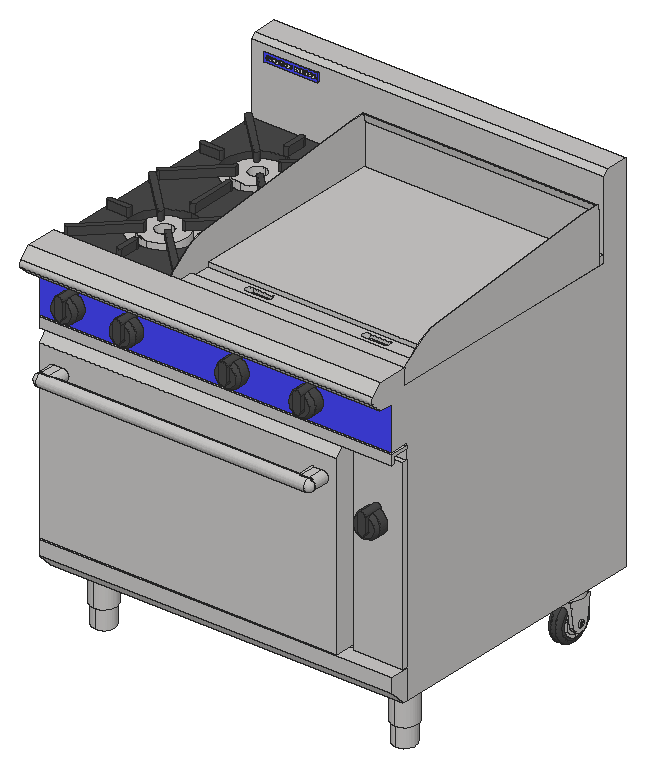
Revit family "QF_MOFFAT_BLUESEAL_CE_G506B", category Specialty Equipment, Revit 2012
Parameters
  Width = 900 mm  # constant formula
  Weight in Pounds = 460
  URL Cutsheet = "www.moffat.com"
  URL = "www.moffat.com"
  Type Mark [instance] = ""
  Status [instance] = ""
  Specification by User [instance] = ""
  Specification by Manufacturer = ""
  Show Logo [instance] = yes
  Show Clearance [instance] = yes
  Show Casters [instance] = yes
  Serial Number = ""
  Seismic Rating = ""
  SMACNA No = ""
  Revision Code [instance] = ""
  Omniclass Number and Title = ""
  NAFEM Spec ID Number = ""
  Model = "G506B"
  Mechanical Remarks = ""
  Mechanical Connection Type [instance] = ""
  Masterspec = ""
  Manufacturer = "MOFFAT BLUESEAL"
  Legs [instance] = not(Show Casters)  # no
  Item Number [instance] = ""
  Installed By [instance] = ""
  Identify Quantity as Lot [instance] = yes
  Height = 970 mm  # constant formula
  Gas Size = 3/4"
  Gas RI Height [instance] = 0 mm
  Gas KW [instance] = 35
  Gas Input [instance] = 119424.0 Btu/h
  Gas Connection Height = 0 mm
  Furnished By [instance] = ""
  Foodservice Equipment Identifier [instance] = yes
  Description = "900MM GAS RANGE WITH STATIC OVEN"
  Depth = 812 mm  # constant formula
  CSI MasterFormat = ""
  CSI Master Format = ""
  Body Finish = QF_Finishes_Stainless Steel
Reference planes
  plane 1 "BACK": y = 0
  plane 2: z = 0
  plane 3 "LEFT": x = 0
  plane 4 "RIGHT": x = 900
  plane 5 "FRONT": y = -812
  plane 6 "TOP": z = 970
  plane 7 "Center Y": x = 450
  plane 8 "Center X": y = -406
  plane 9: x = 280
  plane 10: y = -574.272
  plane 11: x = 60
  plane 12: y = -304.972
  plane 13: y = -364.972
  plane 14: x = 74
  plane 15: y = -812
  plane 16: x = 834.5
  plane 17: y = -32
  plane 18: z = 655
  plane 19: y = -100
  plane 20: z = 1085
  plane 21: y = -705
  plane 22: x = 65.8
Forms (mm)
  Extrusion 1, solid, material "QF_Finishes_Stainless Steel" <- "Body Finish"
    sketch origin (0, 0, 0) x (0, 1, 0) y (0, 0, 1)
      loop
        line (0, 150) -> (0, 1085) -> (-57.5, 1085) -> (-70, 1072.5) -> (-70, 875) -> (-705, 875) -> (-705, 915) -> (-783.97, 915) -> (-808.476, 890.494)
        arc (-808.476, 890.494) -> (-811.994, 882) -> (-808.476, 873.506) r 12.013
        line (-808.476, 873.506) -> (-784.97, 850) -> (-749, 850) -> (-749, 740) -> (-699, 740) -> (-699, 150) -> (0, 150)
    from 0 to 900
  Extrusion 2, solid, material "QF_Finishes_Stainless Steel"
    sketch origin (0, 7, 0) x (0, 1, 0) y (0, 0, 1)
      loop
        line (-706, 700) -> (-732, 700) -> (-756, 676) -> (-756, 227.5) -> (-706, 227.5) -> (-706, 700)
    from 0 to 760
  Extrusion 3, solid, material "QF_Finishes_Stainless Steel"
    sketch origin (723.5, 7, 0) x (0, 1, 0) y (0, 0, 1)
      loop
        line (-706, 700) -> (-721, 700) -> (-721, 227.5) -> (-706, 227.5) -> (-706, 700)
    from 51.5 to 176.5
  Revolve 4, solid, material "QF_Finishes_Stainless Steel" <- "Body Finish"
    sketch origin (834.5, -696.126, 0) x (0, 1, 0) y (0, 0, -1)
      loop
        line (39.376, -150) -> (71.126, -150) -> (71.126, 0) -> (43.626, 0) -> (43.626, -50) -> (39.376, -50) -> (39.376, -150)
      axis (71.126, -150) -> (71.126, 0)
    angle from 0 to 360
  Revolve 5, solid, material "QF_Finishes_Stainless Steel" <- "Body Finish"
    sketch origin (65.5, -696.126, 0) x (0, 1, 0) y (0, 0, 1)
      loop
        line (39.376, 150) -> (39.376, 50) -> (43.626, 50) -> (43.626, 0) -> (71.126, 0) -> (71.126, 150) -> (39.376, 150)
      axis (71.126, 150) -> (71.126, 0)
    angle from 0 to 360
  Extrusion 6, solid, material "QF_Finishes_Stainless Steel"
    sketch origin (-64.5, 0, 325) x (1, 0, 0) y (0, 1, 0)
      loop
        circle (834.5, -32) r 10
    from 330 to 371
  Revolve 7, solid, material "QF_Finishes_Black"
    sketch origin (699.351, 45.874, -0.118) x (0, 1, 0) y (0, 0, 1)
      loop
        line (-827.874, 829.5) -> (-838.874, 823.651) -> (-838.874, 797) -> (-794.874, 797) -> (-794.874, 802) -> (-804.874, 802) -> (-804.874, 829.5) -> (-827.874, 829.5)
      axis (-838.874, 797) -> (-794.874, 797)
    angle from 0 to 360
  Revolve 8, solid, material "QF_Finishes_Black"
    sketch origin (90.649, 45.874, -0.118) x (0, 1, 0) y (0, 0, -1)
      loop
        line (-827.874, -829.5) -> (-804.874, -829.5) -> (-804.874, -802) -> (-794.874, -802) -> (-794.874, -797) -> (-838.874, -797) -> (-838.874, -823.651) -> (-827.874, -829.5)
      axis (-838.874, -797) -> (-794.874, -797)
    angle from 0 to 360
  Revolve 9, solid, material "QF_Finishes_Black"
    sketch origin (240.649, 45.874, -0.118) x (0, 1, 0) y (0, 0, -1)
      loop
        line (-827.874, -829.5) -> (-804.874, -829.5) -> (-804.874, -802) -> (-794.874, -802) -> (-794.874, -797) -> (-838.874, -797) -> (-838.874, -823.651) -> (-827.874, -829.5)
      axis (-838.874, -797) -> (-794.874, -797)
    angle from 0 to 360
  Extrusion 10, solid, material "QF_Finishes_Black"
    sketch origin (238.456, 7, -0.118) x (-1, 0, 0) y (0, 0, -1)
      loop
        arc (158.3, -789) -> (148.3, -779) -> (138.3, -789) r 10
        line (138.3, -789) -> (138.3, -824)
        arc (138.3, -824) -> (148.3, -834) -> (158.3, -824) r 10
        line (158.3, -824) -> (158.3, -789)
    from 759 to 808
  Extrusion 11, solid, material "QF_Finishes_Black"
    sketch origin (388.456, 7, -0.118) x (-1, 0, 0) y (0, 0, -1)
      loop
        arc (158.3, -789) -> (148.3, -779) -> (138.3, -789) r 10
        line (138.3, -789) -> (138.3, -824)
        arc (138.3, -824) -> (148.3, -834) -> (158.3, -824) r 10
        line (158.3, -824) -> (158.3, -789)
    from 759 to 808
  Extrusion 12, solid, material "QF_Finishes_Black"
    sketch origin (551.544, 7, -0.118) x (1, 0, 0) y (0, 0, 1)
      loop
        line (158.3, 789) -> (158.3, 824)
        arc (158.3, 824) -> (148.3, 834) -> (138.3, 824) r 10
        line (138.3, 824) -> (138.3, 789)
        arc (138.3, 789) -> (148.3, 779) -> (158.3, 789) r 10
    from 759 to 808
  Extrusion 13, solid, material "QF_Finishes_Black"
    sketch origin (658.432, 7, -0.118) x (-1, 0, 0) y (0, 0, -1)
      loop
        arc (158.3, -789) -> (148.3, -779) -> (138.3, -789) r 10
        line (138.3, -789) -> (138.3, -824)
        arc (138.3, -824) -> (148.3, -834) -> (158.3, -824) r 10
        line (158.3, -824) -> (158.3, -789)
    from 759 to 808
  Revolve 14, solid, material "QF_Finishes_Black"
    sketch origin (836.851, 80.874, -245.743) x (0, 1, 0) y (0, 0, 1)
      loop
        line (-827.874, 829.5) -> (-838.874, 823.651) -> (-838.874, 797) -> (-794.874, 797) -> (-794.874, 802) -> (-804.874, 802) -> (-804.874, 829.5) -> (-827.874, 829.5)
      axis (-838.874, 797) -> (-794.874, 797)
    angle from 0 to 360
  Extrusion 15, solid, material "QF_Finishes_Black"
    sketch origin (689.044, 42, -245.743) x (1, 0, 0) y (0, 0, 1)
      loop
        line (158.3, 789) -> (158.3, 824)
        arc (158.3, 824) -> (148.3, 834) -> (138.3, 824) r 10
        line (138.3, 824) -> (138.3, 789)
        arc (138.3, 789) -> (148.3, 779) -> (158.3, 789) r 10
    from 759 to 808
  Extrusion 16, solid, material "QF_Door-Drawer Clearances", visible <- "Show Clearance", detail levels coarse
    sketch origin (0, 7, 0) x (0, -1, 0) y (0, 0, 1)
      loop
        line (756, 697.347) -> (756, 227.5) -> (1225.847, 227.5)
        arc (1225.847, 227.5) -> (1088.232, 559.732) -> (756, 697.347) r 469.847
    from 0 to -760
  Extrusion 17, void
    sketch origin (0, 0, 220) x (1, 0, 0) y (0, 1, 0)
      loop
        line (824, -87) -> (824, 0) -> (694, 0) -> (694, -39) -> (744, -87) -> (824, -87)
    from 0 to 476
  Revolve 18, solid, material "QF_Finishes_Black"
    sketch origin (510.625, 45.874, -0.118) x (0, 1, 0) y (0, 0, -1)
      loop
        line (-827.874, -829.5) -> (-804.874, -829.5) -> (-804.874, -802) -> (-794.874, -802) -> (-794.874, -797) -> (-838.874, -797) -> (-838.874, -823.651) -> (-827.874, -829.5)
      axis (-838.874, -797) -> (-794.874, -797)
    angle from 0 to 360
  Extrusion 19, solid, material "QF_Finishes_Stainless Steel"
    sketch origin (0, -749, 227.5) x (0, 0, 1) y (-1, 0, 0)
      loop
        line (380.625, -38.246) -> (380.625, -58.528)
        arc (380.625, -58.528) -> (395.625, -73.528) -> (410.625, -58.528) r 15
        line (410.625, -58.528) -> (410.625, -38.246)
        arc (410.625, -38.246) -> (395.625, -23.246) -> (380.625, -38.246) r 15
      loop
        arc (380.625, -723.039) -> (395.625, -738.039) -> (410.625, -723.039) r 15
        line (410.625, -723.039) -> (410.625, -702.757)
        arc (410.625, -702.757) -> (395.625, -687.757) -> (380.625, -702.757) r 15
        line (380.625, -702.757) -> (380.625, -723.039)
    from 0 to 44
  Revolve 20, solid, material "QF_Finishes_Stainless Steel"
    sketch origin (0, -793, 0) x (1, 0, 0) y (0, 0, 1)
      loop
        arc (738.039, 623.125) -> (733.646, 633.732) -> (723.039, 638.125) r 15
        line (723.039, 638.125) -> (38.246, 638.125)
        arc (38.246, 638.125) -> (27.64, 633.732) -> (23.246, 623.125) r 15
        line (23.246, 623.125) -> (738.039, 623.125)
      axis (738.039, 623.125) -> (23.246, 623.125)
    angle from 0 to 360
  Extrusion 21, solid, material "QF_Finishes_Stainless Steel" <- "Body Finish"
    sketch origin (0, 7, 0) x (0, 1, 0) y (0, 0, 1)
      loop
        line (-756, 710) -> (-747.224, 710) -> (-749.613, 726.999) -> (-707.93, 726.999) -> (-707.93, 734.003) -> (-756, 734.003) -> (-756, 710)
    from 0 to 900
  Extrusion 22, solid, material "QF_Finishes_Stainless Steel" <- "Body Finish"
    sketch origin (0, 4.73, 0) x (0, 1, 0) y (0, 0, 1)
      loop
        line (-753.73, 222.5) -> (-753.73, 186) -> (-717.73, 150) -> (-703.73, 150) -> (-703.73, 222.5) -> (-753.73, 222.5)
    from 0 to 900
  Extrusion 23, solid, material "QF_Finishes_Stainless Steel", visible <- "Show Casters"
    sketch origin (71.501, 133.353, -8.783) x (0, 1, 0) y (0, 0, 1)
      loop
        line (-201.603, 118.783) -> (-265.103, 118.783) -> (-252.746, 53.895)
        arc (-252.746, 53.895) -> (-233.353, 38.783) -> (-213.959, 53.895) r 20
        line (-213.959, 53.895) -> (-201.603, 118.783)
    from -35.667 to 22.923
  Revolve 24, solid, material "QF_Finishes_Stainless Steel", visible <- "Show Casters"
    sketch origin (65, -203, 0) x (0, 1, 0) y (0, 0, 1)
      loop
        line (67.25, 150) -> (67.25, 110) -> (103, 110) -> (103, 150) -> (67.25, 150)
      axis (103, 150) -> (103, 110)
    angle from 0 to 360
  Revolve 25, solid, material "QF_Finishes_Stainless Steel", visible <- "Show Casters"
    sketch origin (834.5, -203, 0) x (0, 1, 0) y (0, 0, -1)
      loop
        line (67.25, -150) -> (103, -150) -> (103, -110) -> (67.25, -110) -> (67.25, -150)
      axis (103, -150) -> (103, -110)
    angle from 0 to 360
  Revolve 26, solid, material "QF_Finishes_Stainless Steel", visible <- "Show Casters"
    sketch origin (785.276, -99.755, -13.653) x (1, 0, 0) y (0, 0, 1)
      loop
        line (14.841, 64.453) -> (83.584, 64.453) -> (83.584, 67.958) -> (82.314, 69.228) -> (80.79, 69.228) -> (80.79, 72.674) -> (68.644, 72.674) -> (68.644, 82.639) -> (65.088, 84.692) -> (63.738, 93.028) -> (65.881, 93.028) -> (65.881, 99.378) -> (65.088, 99.378) -> (65.088, 105.728)
        arc (65.088, 105.728) -> (62.298, 112.463) -> (55.563, 115.253) r 9.525
        line (55.563, 115.253) -> (42.863, 115.253)
        arc (42.863, 115.253) -> (36.127, 112.463) -> (33.338, 105.728) r 9.525
        line (33.338, 105.728) -> (33.338, 99.378) -> (32.544, 99.378) -> (32.544, 93.028) -> (34.687, 93.028) -> (33.352, 84.781) -> (29.782, 82.719) -> (29.782, 72.674) -> (17.635, 72.674) -> (17.635, 69.228) -> (16.111, 69.228) -> (14.841, 67.958) -> (14.841, 64.453)
      axis (14.841, 64.453) -> (83.584, 64.453)
    angle from 0 to 360
  Extrusion 27, solid, material "QF_Finishes_Stainless Steel", visible <- "Show Casters"
    sketch origin (841.001, 133.353, -8.783) x (0, 1, 0) y (0, 0, 1)
      loop
        line (-201.603, 118.783) -> (-265.103, 118.783) -> (-252.746, 53.895)
        arc (-252.746, 53.895) -> (-233.353, 38.783) -> (-213.959, 53.895) r 20
        line (-213.959, 53.895) -> (-201.603, 118.783)
    from -35.667 to 22.923
  Revolve 28, solid, material "QF_Finishes_Stainless Steel", visible <- "Legs"
    sketch origin (65, -165, 0) x (0, 1, 0) y (0, 0, 1)
      loop
        line (33.25, 150) -> (33.25, 50) -> (37.5, 50) -> (37.5, 0) -> (65, 0) -> (65, 150) -> (33.25, 150)
      axis (65, 150) -> (65, 0)
    angle from 0 to 360
  Revolve 29, solid, material "QF_Finishes_Stainless Steel", visible <- "Legs"
    sketch origin (834.5, -165, 0) x (0, 1, 0) y (0, 0, -1)
      loop
        line (33.25, -150) -> (65, -150) -> (65, 0) -> (37.5, 0) -> (37.5, -50) -> (33.25, -50) -> (33.25, -150)
      axis (65, -150) -> (65, 0)
    angle from 0 to 360
  Revolve 30, solid, material "QF_Finishes_Stainless Steel", visible <- "Show Casters"
    sketch origin (114.224, -99.755, -13.653) x (-1, 0, 0) y (0, 0, -1)
      loop
        line (14.841, -64.453) -> (14.841, -67.958) -> (16.111, -69.228) -> (17.635, -69.228) -> (17.635, -72.674) -> (29.782, -72.674) -> (29.782, -82.719) -> (33.352, -84.781) -> (34.687, -93.028) -> (32.544, -93.028) -> (32.544, -99.378) -> (33.338, -99.378) -> (33.338, -105.728)
        arc (33.338, -105.728) -> (36.127, -112.463) -> (42.863, -115.253) r 9.525
        line (42.863, -115.253) -> (55.563, -115.253)
        arc (55.563, -115.253) -> (62.298, -112.463) -> (65.088, -105.728) r 9.525
        line (65.088, -105.728) -> (65.088, -99.378) -> (65.881, -99.378) -> (65.881, -93.028) -> (63.738, -93.028) -> (65.088, -84.692) -> (68.644, -82.639) -> (68.644, -72.674) -> (80.79, -72.674) -> (80.79, -69.228) -> (82.314, -69.228) -> (83.584, -67.958) -> (83.584, -64.453) -> (14.841, -64.453)
      axis (14.841, -64.453) -> (83.584, -64.453)
    angle from 0 to 360
  Extrusion 31, solid, material "QF_Finishes_Black"
    sketch origin (0, -70, 875) x (0, -1, 0) y (1, 0, 0)
      loop
        arc (1, 4) -> (1.879, 1.879) -> (4, 1) r 3
        line (4, 1) -> (632, 1)
        arc (632, 1) -> (634.121, 1.879) -> (635, 4) r 3
        line (635, 4) -> (635, 297)
        arc (635, 297) -> (634.121, 299.121) -> (632, 300) r 3
        line (632, 300) -> (4, 300)
        arc (4, 300) -> (1.879, 299.121) -> (1, 297) r 3
        line (1, 297) -> (1, 4)
      loop
        circle (167.5, 150) r 85
      loop
        circle (467.768, 150) r 85
    from 0 to 19.5
  Extrusion 32, solid, material "QF_Finishes_Black"
    sketch origin (0, -73.5, 894.5) x (0, -1, 0) y (1, 0, 0)
      loop
        spline (323.602, 15.153) -> (322.681, 13.924) -> (322.131, 12.47) -> (321.99, 10.89) -> (322.267, 9.292) -> (322.943, 7.786) -> (323.973, 6.473) -> (325.286, 5.443) -> (326.792, 4.767) -> (328.39, 4.49) -> (329.97, 4.631) -> (331.424, 5.181) -> (332.653, 6.102)
        line (332.653, 6.102) -> (440.576, 114.025)
        spline (440.576, 114.025) -> (441.337, 115.095) -> (441.738, 116.399) -> (441.751, 117.851) -> (441.375, 119.35) -> (440.637, 120.795) -> (439.586, 122.086) -> (438.295, 123.137) -> (436.85, 123.875) -> (435.351, 124.251) -> (433.899, 124.238) -> (432.595, 123.837) -> (431.525, 123.076)
        line (431.525, 123.076) -> (323.602, 15.153)
      loop
        spline (371.852, 143.6) -> (373.146, 143.818) -> (374.352, 144.457) -> (375.388, 145.475) -> (376.182, 146.8) -> (376.682, 148.344) -> (376.852, 150) -> (376.682, 151.656) -> (376.182, 153.2) -> (375.388, 154.525) -> (374.352, 155.543) -> (373.146, 156.182) -> (371.852, 156.4)
        line (371.852, 156.4) -> (259.398, 156.4)
        spline (259.398, 156.4) -> (258.104, 156.182) -> (256.898, 155.543) -> (255.862, 154.525) -> (255.068, 153.2) -> (254.568, 151.656) -> (254.398, 150) -> (254.568, 148.344) -> (255.068, 146.8) -> (255.862, 145.475) -> (256.898, 144.457) -> (258.104, 143.818) -> (259.398, 143.6)
        line (259.398, 143.6) -> (371.852, 143.6)
      loop
        line (311.398, 15.153) -> (203.475, 123.076)
        spline (203.475, 123.076) -> (202.405, 123.837) -> (201.101, 124.238) -> (199.649, 124.251) -> (198.15, 123.875) -> (196.705, 123.137) -> (195.414, 122.086) -> (194.363, 120.795) -> (193.625, 119.35) -> (193.249, 117.851) -> (193.262, 116.399) -> (193.663, 115.095) -> (194.424, 114.025)
        line (194.424, 114.025) -> (302.347, 6.102)
        spline (302.347, 6.102) -> (303.416, 5.341) -> (304.721, 4.941) -> (306.172, 4.928) -> (307.671, 5.303) -> (309.116, 6.041) -> (310.408, 7.092) -> (311.459, 8.384) -> (312.197, 9.829) -> (312.572, 11.328) -> (312.559, 12.779) -> (312.159, 14.084) -> (311.398, 15.153)
      loop
        line (323.602, 284.847) -> (431.525, 176.924)
        spline (431.525, 176.924) -> (432.595, 176.163) -> (433.899, 175.762) -> (435.351, 175.749) -> (436.85, 176.125) -> (438.295, 176.863) -> (439.586, 177.914) -> (440.637, 179.205) -> (441.375, 180.65) -> (441.751, 182.149) -> (441.738, 183.601) -> (441.337, 184.905) -> (440.576, 185.975)
        line (440.576, 185.975) -> (332.653, 293.898)
        spline (332.653, 293.898) -> (331.424, 294.819) -> (329.97, 295.369) -> (328.39, 295.51) -> (326.792, 295.233) -> (325.286, 294.557) -> (323.973, 293.527) -> (322.943, 292.214) -> (322.267, 290.708) -> (321.99, 289.11) -> (322.131, 287.53) -> (322.681, 286.076) -> (323.602, 284.847)
      loop
        spline (311.398, 284.847) -> (312.159, 285.916) -> (312.559, 287.221) -> (312.572, 288.672) -> (312.197, 290.171) -> (311.459, 291.616) -> (310.408, 292.908) -> (309.116, 293.959) -> (307.671, 294.697) -> (306.172, 295.072) -> (304.721, 295.059) -> (303.416, 294.659) -> (302.347, 293.898)
        line (302.347, 293.898) -> (194.424, 185.975)
        spline (194.424, 185.975) -> (193.663, 184.905) -> (193.262, 183.601) -> (193.249, 182.149) -> (193.625, 180.65) -> (194.363, 179.205) -> (195.414, 177.914) -> (196.705, 176.863) -> (198.15, 176.125) -> (199.649, 175.749) -> (201.101, 175.762) -> (202.405, 176.163) -> (203.475, 176.924)
        line (203.475, 176.924) -> (311.398, 284.847)
      loop
        spline (73.549, 143.6) -> (74.844, 143.818) -> (76.049, 144.457) -> (77.085, 145.475) -> (77.88, 146.8) -> (78.379, 148.344) -> (78.549, 150) -> (78.379, 151.656) -> (77.88, 153.2) -> (77.085, 154.525) -> (76.049, 155.543) -> (74.844, 156.182) -> (73.549, 156.4)
        line (73.549, 156.4) -> (25.093, 156.4)
        spline (25.093, 156.4) -> (23.799, 156.182) -> (22.593, 155.543) -> (21.558, 154.525) -> (20.763, 153.2) -> (20.264, 151.656) -> (20.093, 150) -> (20.264, 148.344) -> (20.763, 146.8) -> (21.558, 145.475) -> (22.593, 144.457) -> (23.799, 143.818) -> (25.093, 143.6)
        line (25.093, 143.6) -> (73.549, 143.6)
      loop
        spline (608.1, 143.6) -> (609.394, 143.818) -> (610.6, 144.457) -> (611.636, 145.475) -> (612.43, 146.8) -> (612.93, 148.344) -> (613.1, 150) -> (612.93, 151.656) -> (612.43, 153.2) -> (611.636, 154.525) -> (610.6, 155.543) -> (609.394, 156.182) -> (608.1, 156.4)
        line (608.1, 156.4) -> (558.644, 156.4)
        spline (558.644, 156.4) -> (557.35, 156.182) -> (556.144, 155.543) -> (555.108, 154.525) -> (554.314, 153.2) -> (553.814, 151.656) -> (553.644, 150) -> (553.814, 148.344) -> (554.314, 146.8) -> (555.108, 145.475) -> (556.144, 144.457) -> (557.35, 143.818) -> (558.644, 143.6)
        line (558.644, 143.6) -> (608.1, 143.6)
      loop
        spline (457.6, 10.156) -> (457.818, 8.862) -> (458.457, 7.656) -> (459.475, 6.62) -> (460.8, 5.826) -> (462.344, 5.326) -> (464, 5.156) -> (465.656, 5.326) -> (467.2, 5.826) -> (468.525, 6.62) -> (469.543, 7.656) -> (470.182, 8.862) -> (470.4, 10.156)
        line (470.4, 10.156) -> (470.4, 58.612)
        spline (470.4, 58.612) -> (470.182, 59.906) -> (469.543, 61.112) -> (468.525, 62.148) -> (467.2, 62.942) -> (465.656, 63.442) -> (464, 63.612) -> (462.344, 63.442) -> (460.8, 62.942) -> (459.475, 62.148) -> (458.457, 61.112) -> (457.818, 59.906) -> (457.6, 58.612)
        line (457.6, 58.612) -> (457.6, 10.156)
      loop
        spline (160.966, 10.156) -> (161.184, 8.862) -> (161.823, 7.656) -> (162.841, 6.62) -> (164.166, 5.826) -> (165.71, 5.326) -> (167.366, 5.156) -> (169.022, 5.326) -> (170.566, 5.826) -> (171.892, 6.62) -> (172.909, 7.656) -> (173.548, 8.862) -> (173.766, 10.156)
        line (173.766, 10.156) -> (173.766, 58.612)
        spline (173.766, 58.612) -> (173.548, 59.906) -> (172.909, 61.112) -> (171.892, 62.148) -> (170.566, 62.942) -> (169.022, 63.442) -> (167.366, 63.612) -> (165.71, 63.442) -> (164.166, 62.942) -> (162.841, 62.148) -> (161.823, 61.112) -> (161.184, 59.906) -> (160.966, 58.612)
        line (160.966, 58.612) -> (160.966, 10.156)
      loop
        spline (457.6, 241.636) -> (457.818, 240.342) -> (458.457, 239.136) -> (459.475, 238.1) -> (460.8, 237.306) -> (462.344, 236.806) -> (464, 236.636) -> (465.656, 236.806) -> (467.2, 237.306) -> (468.525, 238.1) -> (469.543, 239.136) -> (470.182, 240.342) -> (470.4, 241.636)
        line (470.4, 241.636) -> (470.4, 290.092)
        spline (470.4, 290.092) -> (470.182, 291.386) -> (469.543, 292.592) -> (468.525, 293.628) -> (467.2, 294.422) -> (465.656, 294.922) -> (464, 295.092) -> (462.344, 294.922) -> (460.8, 294.422) -> (459.475, 293.628) -> (458.457, 292.592) -> (457.818, 291.386) -> (457.6, 290.092)
        line (457.6, 290.092) -> (457.6, 241.636)
      loop
        spline (160.966, 241.636) -> (161.184, 240.342) -> (161.823, 239.136) -> (162.841, 238.1) -> (164.166, 237.306) -> (165.71, 236.806) -> (167.366, 236.636) -> (169.022, 236.806) -> (170.566, 237.306) -> (171.892, 238.1) -> (172.909, 239.136) -> (173.548, 240.342) -> (173.766, 241.636)
        line (173.766, 241.636) -> (173.766, 290.092)
        spline (173.766, 290.092) -> (173.548, 291.386) -> (172.909, 292.592) -> (171.892, 293.628) -> (170.566, 294.422) -> (169.022, 294.922) -> (167.366, 295.092) -> (165.71, 294.922) -> (164.166, 294.422) -> (162.841, 293.628) -> (161.823, 292.592) -> (161.184, 291.386) -> (160.966, 290.092)
        line (160.966, 290.092) -> (160.966, 241.636)
      loop
        line (604.398, 15.153) -> (496.475, 123.076)
        spline (496.475, 123.076) -> (495.405, 123.837) -> (494.101, 124.238) -> (492.649, 124.251) -> (491.15, 123.875) -> (489.705, 123.137) -> (488.414, 122.086) -> (487.363, 120.795) -> (486.625, 119.35) -> (486.249, 117.851) -> (486.262, 116.399) -> (486.663, 115.095) -> (487.424, 114.025)
        line (487.424, 114.025) -> (595.347, 6.102)
        spline (595.347, 6.102) -> (596.576, 5.181) -> (598.03, 4.631) -> (599.61, 4.49) -> (601.208, 4.767) -> (602.714, 5.443) -> (604.027, 6.473) -> (605.057, 7.786) -> (605.733, 9.292) -> (606.01, 10.89) -> (605.869, 12.47) -> (605.319, 13.924) -> (604.398, 15.153)
      loop
        spline (604.398, 284.847) -> (605.319, 286.076) -> (605.869, 287.53) -> (606.01, 289.11) -> (605.733, 290.708) -> (605.057, 292.214) -> (604.027, 293.527) -> (602.714, 294.557) -> (601.208, 295.233) -> (599.61, 295.51) -> (598.03, 295.369) -> (596.576, 294.819) -> (595.347, 293.898)
        line (595.347, 293.898) -> (487.424, 185.975)
        spline (487.424, 185.975) -> (486.663, 184.905) -> (486.262, 183.601) -> (486.249, 182.149) -> (486.625, 180.65) -> (487.363, 179.205) -> (488.414, 177.914) -> (489.705, 176.863) -> (491.15, 176.125) -> (492.649, 175.749) -> (494.101, 175.762) -> (495.405, 176.163) -> (496.475, 176.924)
        line (496.475, 176.924) -> (604.398, 284.847)
      loop
        spline (16.602, 15.153) -> (15.841, 14.084) -> (15.441, 12.779) -> (15.428, 11.328) -> (15.803, 9.829) -> (16.541, 8.384) -> (17.592, 7.092) -> (18.884, 6.041) -> (20.329, 5.303) -> (21.828, 4.928) -> (23.279, 4.941) -> (24.584, 5.341) -> (25.653, 6.102)
        line (25.653, 6.102) -> (133.576, 114.025)
        spline (133.576, 114.025) -> (134.337, 115.095) -> (134.738, 116.399) -> (134.751, 117.851) -> (134.375, 119.35) -> (133.637, 120.795) -> (132.586, 122.086) -> (131.295, 123.137) -> (129.85, 123.875) -> (128.351, 124.251) -> (126.899, 124.238) -> (125.595, 123.837) -> (124.525, 123.076)
        line (124.525, 123.076) -> (16.602, 15.153)
      loop
        line (16.602, 284.847) -> (124.525, 176.924)
        spline (124.525, 176.924) -> (125.595, 176.163) -> (126.899, 175.762) -> (128.351, 175.749) -> (129.85, 176.125) -> (131.295, 176.863) -> (132.586, 177.914) -> (133.637, 179.205) -> (134.375, 180.65) -> (134.751, 182.149) -> (134.738, 183.601) -> (134.337, 184.905) -> (133.576, 185.975)
        line (133.576, 185.975) -> (25.653, 293.898)
        spline (25.653, 293.898) -> (24.584, 294.659) -> (23.279, 295.059) -> (21.828, 295.072) -> (20.329, 294.697) -> (18.884, 293.959) -> (17.592, 292.908) -> (16.541, 291.616) -> (15.803, 290.171) -> (15.428, 288.672) -> (15.441, 287.221) -> (15.841, 285.916) -> (16.602, 284.847)
    from 0 to 20.5
  Extrusion 33, solid, material "QF_Finishes_Stainless Steel"
    sketch origin (0, -70, 875) x (0, -1, 0) y (1, 0, 0)
      loop
        circle (467.5, 150) r 57
      loop
        circle (167.5, 150) r 57
      loop
        circle (467.5, 150) r 22
      loop
        circle (167.5, 150) r 22
    from 0 to 19.5
Cuts and joins
  Extrusion 17 cuts Extrusion 1
Lines and regions (mm)
  Split face 1
    outline origin (900, 0, 1085) x (-1, 0, 0) y (0, -1, 0)
      loop
        arc (867.206, 18.385) -> (875.866, 23.385) -> (875.866, 33.385) r 10
        line (875.866, 33.385) -> (871.824, 40.385)
        arc (871.824, 40.385) -> (868.164, 44.045) -> (863.164, 45.385) r 10
        line (863.164, 45.385) -> (635.206, 45.385)
        arc (635.206, 45.385) -> (626.545, 40.385) -> (626.545, 30.385) r 10
        line (626.545, 30.385) -> (630.587, 23.385)
        arc (630.587, 23.385) -> (634.247, 19.725) -> (639.247, 18.385) r 10
        line (639.247, 18.385) -> (867.206, 18.385)
  Split face 2
    outline origin (900, 0, 1085) x (-1, 0, 0) y (0, -1, 0)
      loop
        arc (567.206, 18.385) -> (575.866, 23.385) -> (575.866, 33.385) r 10
        line (575.866, 33.385) -> (571.824, 40.385)
        arc (571.824, 40.385) -> (568.164, 44.045) -> (563.164, 45.385) r 10
        line (563.164, 45.385) -> (335.206, 45.385)
        arc (335.206, 45.385) -> (326.545, 40.385) -> (326.545, 30.385) r 10
        line (326.545, 30.385) -> (330.587, 23.385)
        arc (330.587, 23.385) -> (334.247, 19.725) -> (339.247, 18.385) r 10
        line (339.247, 18.385) -> (567.206, 18.385)
  Split face 3
    outline origin (900, 0, 1085) x (-1, 0, 0) y (0, -1, 0)
      loop
        arc (35.206, 45.385) -> (26.545, 40.385) -> (26.545, 30.385) r 10
        line (26.545, 30.385) -> (30.587, 23.385)
        arc (30.587, 23.385) -> (34.247, 19.725) -> (39.247, 18.385) r 10
        line (39.247, 18.385) -> (267.206, 18.385)
        arc (267.206, 18.385) -> (275.866, 23.385) -> (275.866, 33.385) r 10
        line (275.866, 33.385) -> (271.824, 40.385)
        arc (271.824, 40.385) -> (268.164, 44.045) -> (263.164, 45.385) r 10
        line (263.164, 45.385) -> (35.206, 45.385)
  symbolic lines
    curve 1: line (0, 0, 0) -> (0, -812, 0)
    curve 2: line (900, 0, 0) -> (0, 0, 0)
    curve 3: line (900, -812, 0) -> (900, 0, 0)
    curve 4: line (0, -70, 0) -> (900, -70, 0)
    curve 5: line (900, -812, 0) -> (0, -812, 0)
    curve 6: line (900, -705, 0) -> (0, -705, 0)
    curve 7: line (0, -701.7, 0) -> (900, -701.7, 0)
    curve 8: line (900, -72.734, 0) -> (0, -72.734, 0)
    curve 9: arc (22.65, -812, 0) -> (34.104, -822.278, 0) -> (48.889, -826.544, 0) r 34.455
    curve 10: line (48.889, -826.544, 0) -> (721.858, -826.544, 0)
    curve 11: arc (721.858, -826.544, 0) -> (736.403, -822.647, 0) -> (747.05, -812, 0) r 29.089
    curve 15: line (300, -72.734, 0) -> (300, -701.7, 0)
    curve 16: line (0, -391, 0) -> (300, -391, 0)
    curve 17: line (149.988, -331.778, 0) -> (149.988, -448.358, 0)
    curve 18: line (150.034, -681.268, 0) -> (150.034, -628.558, 0)
    curve 19: line (9.26, -537.634, 0) -> (59.26, -537.634, 0)
    curve 20: line (178.593, -512.407, 0) -> (291.73, -399.27, 0)
    curve 21: line (291.767, -537.634, 0) -> (240.041, -537.634, 0)
    curve 22: arc (150, -480.5, 150) -> (207, -537.5, 150) -> (150, -594.5, 150) r 57
    curve 23: arc (150, -594.5, 150) -> (93, -537.5, 150) -> (150, -480.5, 150) r 57
    curve 24: arc (150, -622.768, 150) -> (235, -537.768, 150) -> (150, -452.768, 150) r 85
    curve 25: arc (150, -452.768, 150) -> (65, -537.768, 150) -> (150, -622.768, 150) r 85
    curve 26: arc (150, -515.5, 150) -> (128, -537.5, 150) -> (150, -559.5, 150) r 22
    curve 27: arc (150, -559.5, 150) -> (172, -537.5, 150) -> (150, -515.5, 150) r 22
    curve 28: line (121.407, -512.407, 0) -> (8.27, -399.27, 0)
    curve 29: line (178.593, -562.593, 0) -> (291.73, -675.73, 0)
    curve 30: line (121.407, -562.593, 0) -> (8.27, -675.73, 0)
    curve 31: line (150.034, -96.281, 0) -> (150.034, -149.16, 0)
    curve 32: line (178.593, -269.593, 0) -> (291.73, -382.73, 0)
    curve 33: line (121.407, -269.593, 0) -> (8.27, -382.73, 0)
    curve 34: line (9.26, -241, 0) -> (59.26, -241, 0)
    curve 35: line (291.767, -241, 0) -> (240.041, -241, 0)
    curve 36: arc (150, -322.5, 150) -> (235, -237.5, 150) -> (150, -152.5, 150) r 85
    curve 37: arc (150, -152.5, 150) -> (65, -237.5, 150) -> (150, -322.5, 150) r 85
    curve 38: arc (150, -180.5, 150) -> (207, -237.5, 150) -> (150, -294.5, 150) r 57
    curve 39: arc (150, -294.5, 150) -> (93, -237.5, 150) -> (150, -180.5, 150) r 57
    curve 40: arc (150, -259.5, 150) -> (172, -237.5, 150) -> (150, -215.5, 150) r 22
    curve 41: arc (150, -215.5, 150) -> (128, -237.5, 150) -> (150, -259.5, 150) r 22
    curve 42: line (178.593, -205.407, 0) -> (291.73, -92.27, 0)
    curve 43: line (121.407, -205.407, 0) -> (8.27, -92.27, 0)
    curve 44: line (32.794, -18.385, 0) -> (260.753, -18.385, 0)
    curve 45: arc (260.753, -18.385, 0) -> (265.753, -19.725, 0) -> (269.413, -23.385, 0) r 10
    curve 46: line (269.413, -23.385, 0) -> (273.455, -30.385, 0)
    curve 47: arc (273.455, -30.385, 0) -> (273.455, -40.385, 0) -> (264.794, -45.385, 0) r 10
    curve 48: line (264.794, -45.385, 0) -> (36.836, -45.385, 0)
    curve 49: arc (36.836, -45.385, 0) -> (31.836, -44.045, 0) -> (28.176, -40.385, 0) r 10
    curve 50: line (28.176, -40.385, 0) -> (24.134, -33.385, 0)
    curve 51: arc (24.134, -33.385, 0) -> (24.134, -23.385, 0) -> (32.794, -18.385, 0) r 10
    curve 52: line (560.753, -18.385, 0) -> (332.794, -18.385, 0)
    curve 53: arc (332.794, -18.385, 0) -> (324.134, -23.385, 0) -> (324.134, -33.385, 0) r 10
    curve 54: line (324.134, -33.385, 0) -> (328.176, -40.385, 0)
    curve 55: arc (328.176, -40.385, 0) -> (331.836, -44.045, 0) -> (336.836, -45.385, 0) r 10
    curve 56: line (336.836, -45.385, 0) -> (564.794, -45.385, 0)
    curve 57: arc (564.794, -45.385, 0) -> (573.455, -40.385, 0) -> (573.455, -30.385, 0) r 10
    curve 58: line (573.455, -30.385, 0) -> (569.413, -23.385, 0)
    curve 59: arc (569.413, -23.385, 0) -> (565.753, -19.725, 0) -> (560.753, -18.385, 0) r 10
    curve 60: line (632.794, -18.385, 0) -> (860.753, -18.385, 0)
    curve 61: arc (860.753, -18.385, 0) -> (865.753, -19.725, 0) -> (869.413, -23.385, 0) r 10
    curve 62: line (869.413, -23.385, 0) -> (873.455, -30.385, 0)
    curve 63: arc (873.455, -30.385, 0) -> (873.455, -40.385, 0) -> (864.794, -45.385, 0) r 10
    curve 64: line (864.794, -45.385, 0) -> (636.836, -45.385, 0)
    curve 65: arc (636.836, -45.385, 0) -> (631.836, -44.045, 0) -> (628.176, -40.385, 0) r 10
    curve 66: line (628.176, -40.385, 0) -> (624.134, -33.385, 0)
    curve 67: arc (624.134, -33.385, 0) -> (624.134, -23.385, 0) -> (632.794, -18.385, 0) r 10
    curve 68: line (0, -783.97, 0) -> (900, -783.97, 0)
    curve 69: line (0, -57.5, 0) -> (900, -57.5, 0)
  symbolic lines, style "QF_Door-Drawer Clearances", visible <- "Show Clearance"
    curve 12: line (0, -1218.847, 0) -> (0, -812, 0)
    curve 13: line (0, -1218.847, 0) -> (760, -1218.847, 0)
    curve 14: line (760, -1218.847, 0) -> (760, -812, 0)
Dimensions and locks
  equal spacing: plane 3 "LEFT", plane 7 "Center Y", plane 4 "RIGHT"
  "Width": plane 3 "LEFT" to plane 4 "RIGHT"
  equal spacing: plane 5 "FRONT", plane 8 "Center X", plane 1 "BACK"
  plane 5 "FRONT" to plane 1 "BACK" = 812 mm  (x2)
  equal spacing: plane 4 "RIGHT", plane 7 "Center Y", plane 3 "LEFT"
  plane 4 "RIGHT" to plane 3 "LEFT" = 900 mm
  "Height": plane 6 "TOP" to level
  plane 10 to plane 1 "BACK" = 574.272 mm
  plane 12 to plane 1 "BACK" = 304.972 mm  (x2)
  plane 11 to plane 3 "LEFT" = 60 mm
  plane 14 to plane 3 "LEFT" = 74 mm
  plane 9 to plane 3 "LEFT" = 280 mm
  "Depth": plane 1 "BACK" to plane 15
  plane 15 to plane 5 "FRONT" = 0 mm
  plane 6 "TOP" to plane 2 = 970 mm
  plane 2 to Extrusion 1 sketch curve = 875 mm
  locked: plane 2 to Extrusion 1 sketch curve at 915
  Revolve 26 sketch curve to Revolve 26 sketch curve = 50.8 mm
  Revolve 30 sketch curve to Revolve 30 sketch curve = 50.8 mm
  plane 20 to level = 1085 mm
  Extrusion 31 sketch curve to plane 22 = 64.8 mm
  aligned and locked: level to plane 2
  aligned and locked: curve 3 to plane 4 "RIGHT"
Automatic sketch dimensions
  Extrusion 1 sketch curve to plane 21 = 0 mm
  Extrusion 1 sketch curve to plane 20 = 0 mm
  Extrusion 1 sketch curve to plane 1 "BACK" = 0 mm
  plane 21 to Extrusion 1 sketch curve = 44 mm
  Extrusion 1 sketch curve to plane 5 "FRONT" = 28.03 mm
  Extrusion 1 sketch curve to plane 5 "FRONT" = 27.03 mm
  Extrusion 1 sketch curve to plane 5 "FRONT" = 12.018 mm
  Extrusion 1 sketch curve to plane 5 "FRONT" = 3.524 mm  (x2)
  Extrusion 1 sketch curve to plane 21 = 6 mm
  Extrusion 1 sketch curve to plane 20 = 12.5 mm
  plane 19 to Extrusion 1 sketch curve = 30 mm
  Extrusion 1 sketch curve to Extrusion 1 sketch curve = 12.5 mm
  Extrusion 1 sketch curve to Extrusion 1 sketch curve = 41.494 mm
  Extrusion 1 sketch curve to Extrusion 1 sketch curve = 25 mm
  plane 18 to Extrusion 1 sketch curve = 85 mm
  level to Extrusion 1 sketch curve = 150 mm
  Extrusion 1 sketch curve to Extrusion 1 sketch curve = 8.494 mm
  plane 21 to Extrusion 2 sketch curve = 20 mm
  Extrusion 2 sketch curve to plane 21 = 6 mm
  level to Extrusion 2 sketch curve = 227.5 mm
  plane 21 to Extrusion 3 sketch curve = 9 mm
  Extrusion 3 sketch curve to plane 21 = 6 mm
  level to Extrusion 3 sketch curve = 227.5 mm
  plane 18 to Extrusion 3 sketch curve = 45 mm
  Revolve 4 sketch curve to level = 0 mm
  Revolve 4 sketch curve to plane 21 = 48.25 mm
  Revolve 4 sketch curve to Revolve 4 sketch curve = 4.25 mm
  Revolve 4 sketch curve to Revolve 4 sketch curve = 27.5 mm  (x2)
  level to Revolve 4 sketch curve = 50 mm
  Revolve 4 sketch curve to Revolve 4 sketch curve = 0 mm
  Revolve 4 sketch curve to Revolve 4 sketch curve = 100 mm
  Revolve 4 sketch curve to Revolve 4 sketch curve = 55 mm
  Revolve 5 sketch curve to level = 0 mm
  Revolve 5 sketch curve to plane 21 = 48.25 mm
  Revolve 5 sketch curve to Revolve 5 sketch curve = 4.25 mm
  Revolve 5 sketch curve to Revolve 5 sketch curve = 27.5 mm  (x2)
  Revolve 5 sketch curve to level = 55 mm
  Revolve 5 sketch curve to Revolve 5 sketch curve = 50 mm
  Revolve 5 sketch curve to Revolve 5 sketch curve = 0 mm
  Revolve 5 sketch curve to Revolve 5 sketch curve = 100 mm
  Extrusion 6 sketch curve to plane 17 = 0 mm
  Extrusion 6 sketch curve to plane 16 = 64.5 mm
  Revolve 7 sketch curve to plane 5 "FRONT" = 19 mm
  Revolve 7 sketch curve to Revolve 7 sketch curve = 0 mm  (x2)
  Revolve 7 sketch curve to Revolve 7 sketch curve = 11 mm
  Revolve 7 sketch curve to Revolve 7 sketch curve = 12.7 mm
  Revolve 7 sketch curve to Revolve 7 sketch curve = 23 mm
  Revolve 7 sketch curve to Revolve 7 sketch curve = 10 mm
  plane 18 to Revolve 7 sketch curve = 141.882 mm
  Revolve 7 sketch curve to Revolve 7 sketch curve = 5 mm
  Revolve 7 sketch curve to Revolve 7 sketch curve = 26.651 mm
  Revolve 7 sketch curve to Revolve 7 sketch curve = 5.849 mm
  Revolve 8 sketch curve to plane 5 "FRONT" = 19 mm
  Revolve 8 sketch curve to Revolve 8 sketch curve = 0 mm  (x2)
  Revolve 8 sketch curve to Revolve 8 sketch curve = 11 mm
  Revolve 8 sketch curve to Revolve 8 sketch curve = 12.7 mm
  Revolve 8 sketch curve to Revolve 8 sketch curve = 23 mm
  Revolve 8 sketch curve to Revolve 8 sketch curve = 10 mm
  Revolve 8 sketch curve to plane 6 "TOP" = 140.618 mm
  Revolve 8 sketch curve to Revolve 8 sketch curve = 5.849 mm
  Revolve 8 sketch curve to Revolve 8 sketch curve = 27.5 mm
  Revolve 8 sketch curve to Revolve 8 sketch curve = 5 mm
  Revolve 9 sketch curve to plane 5 "FRONT" = 19 mm
  Revolve 9 sketch curve to Revolve 9 sketch curve = 0 mm  (x2)
  Revolve 9 sketch curve to Revolve 9 sketch curve = 11 mm
  Revolve 9 sketch curve to Revolve 9 sketch curve = 12.7 mm
  Revolve 9 sketch curve to Revolve 9 sketch curve = 23 mm
  Revolve 9 sketch curve to Revolve 9 sketch curve = 10 mm
  Revolve 9 sketch curve to plane 6 "TOP" = 140.618 mm
  Revolve 9 sketch curve to Revolve 9 sketch curve = 5.849 mm
  Revolve 9 sketch curve to Revolve 9 sketch curve = 27.5 mm
  Revolve 9 sketch curve to Revolve 9 sketch curve = 5 mm
  plane 14 to Extrusion 10 sketch curve = 26.156 mm
  Extrusion 10 sketch curve to Extrusion 10 sketch curve = 10 mm
  Extrusion 10 sketch curve to plane 6 "TOP" = 146.118 mm
  Extrusion 10 sketch curve to Extrusion 10 sketch curve = 35 mm
  Extrusion 11 sketch curve to plane 9 = 29.844 mm
  Extrusion 11 sketch curve to Extrusion 11 sketch curve = 10 mm
  Extrusion 11 sketch curve to plane 6 "TOP" = 146.118 mm
  Extrusion 11 sketch curve to Extrusion 11 sketch curve = 35 mm
  Extrusion 12 sketch curve to plane 16 = 144.656 mm
  Extrusion 12 sketch curve to Extrusion 12 sketch curve = 10 mm
  plane 18 to Extrusion 12 sketch curve = 133.882 mm
  Extrusion 12 sketch curve to Extrusion 12 sketch curve = 35 mm
  plane 7 "Center Y" to Extrusion 13 sketch curve = 70.132 mm
  Extrusion 13 sketch curve to Extrusion 13 sketch curve = 10 mm
  Extrusion 13 sketch curve to plane 6 "TOP" = 146.118 mm
  Extrusion 13 sketch curve to Extrusion 13 sketch curve = 35 mm
  Revolve 14 sketch curve to plane 5 "FRONT" = 54 mm
  Revolve 14 sketch curve to Revolve 14 sketch curve = 0 mm  (x2)
  Revolve 14 sketch curve to Revolve 14 sketch curve = 11 mm
  Revolve 14 sketch curve to Revolve 14 sketch curve = 12.7 mm
  plane 21 to Revolve 14 sketch curve = 19 mm
  plane 21 to Revolve 14 sketch curve = 9 mm
  Revolve 14 sketch curve to plane 18 = 103.743 mm
  Revolve 14 sketch curve to Revolve 14 sketch curve = 5 mm
  Revolve 14 sketch curve to Revolve 14 sketch curve = 26.651 mm
  Revolve 14 sketch curve to Revolve 14 sketch curve = 5.849 mm
  Extrusion 15 sketch curve to plane 16 = 7.156 mm
  plane 16 to Extrusion 15 sketch curve = 2.844 mm
  Extrusion 15 sketch curve to plane 18 = 111.743 mm
  Extrusion 15 sketch curve to Extrusion 15 sketch curve = 35 mm
  plane 21 to Extrusion 16 sketch curve = 44 mm
  level to Extrusion 16 sketch curve = 227.5 mm
  plane 5 "FRONT" to Extrusion 16 sketch curve = 406.847 mm
  plane 1 "BACK" to Extrusion 17 sketch curve = 0 mm
  Extrusion 17 sketch curve to plane 17 = 7 mm
  Extrusion 17 sketch curve to plane 16 = 140.5 mm
  plane 19 to Extrusion 17 sketch curve = 13 mm
  Extrusion 17 sketch curve to Extrusion 17 sketch curve = 50 mm
  Extrusion 17 sketch curve to plane 16 = 10.5 mm
  Revolve 18 sketch curve to plane 5 "FRONT" = 19 mm
  Revolve 18 sketch curve to Revolve 18 sketch curve = 0 mm  (x2)
  Revolve 18 sketch curve to Revolve 18 sketch curve = 11 mm
  Revolve 18 sketch curve to Revolve 18 sketch curve = 12.7 mm
  Revolve 18 sketch curve to Revolve 18 sketch curve = 23 mm
  Revolve 18 sketch curve to Revolve 18 sketch curve = 10 mm
  Revolve 18 sketch curve to plane 6 "TOP" = 140.618 mm
  Revolve 18 sketch curve to Revolve 18 sketch curve = 5.849 mm
  Revolve 18 sketch curve to Revolve 18 sketch curve = 27.5 mm
  Revolve 18 sketch curve to Revolve 18 sketch curve = 5 mm
  Extrusion 19 sketch curve to plane 11 = 1.472 mm
  Extrusion 19 sketch curve to plane 18 = 46.875 mm  (x2)
  Extrusion 19 sketch curve to Extrusion 19 sketch curve = 15 mm  (x2)
  Extrusion 19 sketch curve to plane 16 = 131.743 mm
  Extrusion 19 sketch curve to Extrusion 19 sketch curve = 20.282 mm  (x2)
  Revolve 20 sketch curve to plane 3 "LEFT" = 6.961 mm
  plane 3 "LEFT" to Revolve 20 sketch curve = 23.246 mm
  Revolve 20 sketch curve to plane 18 = 16.875 mm
  Revolve 20 sketch curve to Revolve 20 sketch curve = 15 mm
  Revolve 20 sketch curve to plane 18 = 31.875 mm
  plane 7 "Center Y" to Revolve 20 sketch curve = 138.039 mm
  Revolve 20 sketch curve to plane 16 = 111.461 mm
  plane 21 to Extrusion 21 sketch curve = 44 mm
  Extrusion 21 sketch curve to Extrusion 21 sketch curve = 6.387 mm
  Extrusion 21 sketch curve to Extrusion 21 sketch curve = 8.776 mm
  Extrusion 21 sketch curve to plane 21 = 4.07 mm
  plane 18 to Extrusion 21 sketch curve = 55 mm
  Extrusion 21 sketch curve to Extrusion 21 sketch curve = 16.999 mm
  Extrusion 21 sketch curve to Extrusion 21 sketch curve = 7.004 mm
  plane 21 to Extrusion 22 sketch curve = 44 mm
  Extrusion 22 sketch curve to Extrusion 22 sketch curve = 36.5 mm
  Extrusion 23 sketch curve to plane 19 = 0 mm
  Extrusion 23 sketch curve to plane 19 = 19.393 mm
  Extrusion 23 sketch curve to plane 19 = 31.75 mm
  plane 19 to Extrusion 23 sketch curve = 19.393 mm
  plane 19 to Extrusion 23 sketch curve = 31.75 mm
  level to Extrusion 23 sketch curve = 45.111 mm
  Extrusion 23 sketch curve to Extrusion 23 sketch curve = 4.889 mm
  Extrusion 23 sketch curve to Extrusion 23 sketch curve = 64.889 mm
  Revolve 24 sketch curve to plane 19 = 0 mm  (x2)
  Revolve 24 sketch curve to plane 19 = 35.75 mm
  Revolve 24 sketch curve to level = 55 mm
  level to Revolve 24 sketch curve = 50 mm
  Revolve 24 sketch curve to Revolve 24 sketch curve = 60 mm
  Revolve 24 sketch curve to Revolve 24 sketch curve = 40 mm
  Revolve 25 sketch curve to plane 19 = 0 mm  (x2)
  Revolve 25 sketch curve to plane 19 = 35.75 mm
  level to Revolve 25 sketch curve = 150 mm
  Revolve 25 sketch curve to Revolve 25 sketch curve = 40 mm
  level to Revolve 25 sketch curve = 50 mm
  Revolve 25 sketch curve to level = 55 mm
  Revolve 26 sketch curve to plane 16 = 34.382 mm
  Revolve 26 sketch curve to Revolve 26 sketch curve = 1.27 mm  (x4)
  Revolve 26 sketch curve to Revolve 26 sketch curve = 1.524 mm  (x2)
  Revolve 26 sketch curve to Revolve 26 sketch curve = 12.146 mm  (x2)
  Revolve 26 sketch curve to plane 16 = 16.68 mm
  Revolve 26 sketch curve to Revolve 26 sketch curve = 0.794 mm  (x2)
  Revolve 26 sketch curve to Revolve 26 sketch curve = 3.57 mm
  Revolve 26 sketch curve to Revolve 26 sketch curve = 2.143 mm
  Revolve 26 sketch curve to plane 16 = 6.361 mm
  plane 16 to Revolve 26 sketch curve = 5.13 mm
  plane 16 to Revolve 26 sketch curve = 6.339 mm
  plane 16 to Revolve 26 sketch curve = 14.515 mm
  Revolve 26 sketch curve to Revolve 26 sketch curve = 1.349 mm  (x2)
  Revolve 26 sketch curve to Revolve 26 sketch curve = 3.556 mm
  Revolve 26 sketch curve to plane 4 "RIGHT" = 2.18 mm
  level to Revolve 26 sketch curve = 50.8 mm
  Revolve 26 sketch curve to Revolve 26 sketch curve = 0 mm
  Revolve 26 sketch curve to Revolve 26 sketch curve = 3.505 mm  (x2)
  Revolve 26 sketch curve to Revolve 26 sketch curve = 3.447 mm  (x2)
  Revolve 26 sketch curve to Revolve 26 sketch curve = 9.964 mm
  Revolve 26 sketch curve to Revolve 26 sketch curve = 10.045 mm
  Revolve 26 sketch curve to Revolve 26 sketch curve = 2.053 mm
  Revolve 26 sketch curve to Revolve 26 sketch curve = 2.061 mm
  Revolve 26 sketch curve to Revolve 26 sketch curve = 8.247 mm
  Revolve 26 sketch curve to Revolve 26 sketch curve = 8.336 mm
  Revolve 26 sketch curve to Revolve 26 sketch curve = 6.35 mm  (x2)
  Extrusion 27 sketch curve to plane 19 = 0 mm
  Extrusion 27 sketch curve to plane 19 = 19.393 mm
  Extrusion 27 sketch curve to plane 19 = 31.75 mm
  plane 19 to Extrusion 27 sketch curve = 19.393 mm
  plane 19 to Extrusion 27 sketch curve = 31.75 mm
  level to Extrusion 27 sketch curve = 45.111 mm
  Extrusion 27 sketch curve to Extrusion 27 sketch curve = 4.889 mm
  Extrusion 27 sketch curve to Extrusion 27 sketch curve = 64.889 mm
  Revolve 28 sketch curve to level = 0 mm
  Revolve 28 sketch curve to plane 19 = 0 mm  (x2)
  Revolve 28 sketch curve to Revolve 28 sketch curve = 27.5 mm
  Revolve 28 sketch curve to Revolve 28 sketch curve = 31.75 mm
  Revolve 28 sketch curve to level = 55 mm
  Revolve 28 sketch curve to Revolve 28 sketch curve = 50 mm
  Revolve 28 sketch curve to Revolve 28 sketch curve = 0 mm
  Revolve 28 sketch curve to Revolve 28 sketch curve = 100 mm
  Revolve 29 sketch curve to level = 0 mm
  Revolve 29 sketch curve to plane 19 = 0 mm  (x2)
  Revolve 29 sketch curve to Revolve 29 sketch curve = 27.5 mm
  Revolve 29 sketch curve to Revolve 29 sketch curve = 31.75 mm
  level to Revolve 29 sketch curve = 50 mm
  Revolve 29 sketch curve to Revolve 29 sketch curve = 0 mm
  Revolve 29 sketch curve to Revolve 29 sketch curve = 100 mm
  Revolve 29 sketch curve to Revolve 29 sketch curve = 55 mm
  plane 14 to Revolve 30 sketch curve = 25.382 mm
  Revolve 30 sketch curve to Revolve 30 sketch curve = 1.27 mm  (x4)
  Revolve 30 sketch curve to Revolve 30 sketch curve = 1.524 mm  (x2)
  plane 14 to Revolve 30 sketch curve = 10.442 mm
  plane 14 to Revolve 30 sketch curve = 7.68 mm
  Revolve 30 sketch curve to Revolve 30 sketch curve = 0.794 mm  (x2)
  Revolve 30 sketch curve to Revolve 30 sketch curve = 3.57 mm
  Revolve 30 sketch curve to Revolve 30 sketch curve = 2.143 mm
  Revolve 30 sketch curve to plane 14 = 2.639 mm
  Revolve 30 sketch curve to plane 11 = 0.13 mm
  Revolve 30 sketch curve to plane 11 = 1.339 mm
  Revolve 30 sketch curve to plane 11 = 9.515 mm
  Revolve 30 sketch curve to Revolve 30 sketch curve = 1.349 mm  (x2)
  Revolve 30 sketch curve to Revolve 30 sketch curve = 3.556 mm
  Revolve 30 sketch curve to Revolve 30 sketch curve = 12.146 mm
  Revolve 30 sketch curve to plane 3 "LEFT" = 2.68 mm
  level to Revolve 30 sketch curve = 101.6 mm
  Revolve 30 sketch curve to Revolve 30 sketch curve = 6.35 mm  (x4)
  Revolve 30 sketch curve to Revolve 30 sketch curve = 8.247 mm
  Revolve 30 sketch curve to Revolve 30 sketch curve = 8.336 mm
  Revolve 30 sketch curve to Revolve 30 sketch curve = 2.061 mm
  Revolve 30 sketch curve to Revolve 30 sketch curve = 2.053 mm
  Revolve 30 sketch curve to Revolve 30 sketch curve = 10.045 mm
  Revolve 30 sketch curve to Revolve 30 sketch curve = 9.964 mm
  Revolve 30 sketch curve to Revolve 30 sketch curve = 3.447 mm  (x2)
  Revolve 30 sketch curve to Revolve 30 sketch curve = 3.505 mm
  plane 21 to Extrusion 31 sketch curve = 0 mm
  Extrusion 31 sketch curve to plane 21 = 3 mm  (x2)
  plane 10 to Extrusion 31 sketch curve = 36.504 mm
  plane 12 to Extrusion 31 sketch curve = 67.472 mm
  plane 19 to Extrusion 31 sketch curve = 26 mm  (x2)
  Extrusion 31 sketch curve to Extrusion 31 sketch curve = 3 mm
  plane 14 to Extrusion 31 sketch curve = 76 mm  (x2)
  plane 9 to Extrusion 31 sketch curve = 17 mm
  Extrusion 32 sketch curve to Extrusion 31 = 19.102 mm  (x2)
  Extrusion 32 sketch curve to Extrusion 32 sketch curve = 4.525 mm  (x16)
  Extrusion 32 sketch curve to Extrusion 31 = 27.593 mm
  Extrusion 32 sketch curve to Extrusion 32 sketch curve = 48.456 mm  (x3)
  Extrusion 32 sketch curve to Extrusion 32 sketch curve = 50.976 mm
  Extrusion 32 sketch curve to Extrusion 32 sketch curve = 0 mm  (x4)
  Extrusion 32 sketch curve to Extrusion 32 sketch curve = 27.39 mm  (x2)
  Extrusion 32 sketch curve to Extrusion 32 sketch curve = 6.4 mm  (x7)
  Extrusion 32 sketch curve to Extrusion 32 sketch curve = 20.658 mm  (x2)
  Extrusion 32 sketch curve to Extrusion 32 sketch curve = 55.923 mm
  Extrusion 32 sketch curve to Extrusion 31 = 6.102 mm  (x2)
  Extrusion 32 sketch curve to Extrusion 31 = 5.102 mm  (x3)
  Extrusion 32 sketch curve to Extrusion 32 sketch curve = 128.581 mm  (x2)
  Extrusion 32 sketch curve to Extrusion 31 = 14.153 mm
  Extrusion 32 sketch curve to Extrusion 32 sketch curve = 12.205 mm  (x2)
  Extrusion 32 sketch curve to Extrusion 31 = 15.153 mm  (x2)
  Extrusion 32 sketch curve to Extrusion 32 sketch curve = 112.454 mm
  Extrusion 32 sketch curve to Extrusion 32 sketch curve = 59.673 mm
  Extrusion 32 sketch curve to Extrusion 32 sketch curve = 17.024 mm  (x2)
  Extrusion 32 sketch curve to Extrusion 32 sketch curve = 46.847 mm  (x2)
  Extrusion 32 sketch curve to Extrusion 32 sketch curve = 62.169 mm
  Extrusion 32 sketch curve to Extrusion 31 = 36.153 mm  (x2)
  Extrusion 32 sketch curve to Extrusion 31 = 23.4 mm
  Extrusion 32 sketch curve to Extrusion 31 = 9.156 mm  (x2)
  Extrusion 32 sketch curve to Extrusion 32 sketch curve = 55.413 mm  (x2)
  Extrusion 32 sketch curve to Extrusion 32 sketch curve = 20.524 mm  (x3)
  Extrusion 32 sketch curve to Extrusion 32 sketch curve = 53.847 mm  (x4)
  Extrusion 32 sketch curve to Extrusion 31 = 58.364 mm
  Extrusion 32 sketch curve to Extrusion 32 sketch curve = 55.661 mm
  Extrusion 32 sketch curve to Extrusion 31 = 9.908 mm  (x2)
  curve 22 to curve 26 = 0 mm  (x2)
  curve 36 to curve 38 = 0 mm  (x2)
  curve 36 to curve 40 = 0 mm  (x2)
  plane 12 to curve 41 = 45.472 mm
  plane 14 to curve 41 = 76 mm
  plane 14 to curve 27 = 76 mm
  curve 25 to curve 22 = 0 mm
  curve 38 to curve 40 = 22 mm
  curve 38 to curve 40 = 35 mm
  curve 37 to curve 38 = 28 mm
  curve 24 to plane 8 "Center X" = 46.768 mm
  curve 24 to curve 22 = 27.732 mm
  curve 22 to curve 27 = 35 mm
  curve 26 to curve 27 = 22 mm
  curve 22 to curve 24 = 0.268 mm
  Extrusion 33 sketch curve to Extrusion 33 sketch curve = 0 mm  (x4)
  plane 12 to Extrusion 33 sketch curve = 67.472 mm
  plane 10 to Extrusion 33 sketch curve = 36.772 mm
  plane 14 to Extrusion 33 sketch curve = 76 mm  (x2)
  plane 1 "BACK" to curve 1 = 0 mm
  curve 1 to plane 3 "LEFT" = 0 mm
  plane 5 "FRONT" to curve 9 = 0 mm
  plane 21 to curve 6 = 0 mm
  plane 3 "LEFT" to curve 30 = 8.27 mm
  plane 3 "LEFT" to curve 43 = 8.27 mm
  plane 3 "LEFT" to curve 33 = 8.27 mm
  plane 3 "LEFT" to curve 28 = 8.27 mm
  plane 3 "LEFT" to curve 19 = 9.26 mm
  plane 3 "LEFT" to curve 34 = 9.26 mm
  plane 3 "LEFT" to curve 9 = 22.65 mm
  curve 10 to plane 11 = 11.111 mm
  curve 9 to plane 11 = 9.192 mm
  curve 19 to plane 11 = 0.74 mm
  curve 34 to plane 11 = 0.74 mm
  plane 14 to curve 33 = 47.407 mm
  plane 14 to curve 43 = 47.407 mm
  plane 14 to curve 28 = 47.407 mm
  plane 10 to curve 30 = 11.679 mm
  plane 14 to curve 30 = 47.407 mm
  curve 17 to plane 12 = 26.806 mm
  curve 33 to curve 17 = 28.581 mm
  curve 18 to plane 21 = 23.732 mm
  plane 14 to curve 18 = 76.034 mm
  curve 43 to curve 31 = 28.628 mm
  curve 43 to curve 42 = 57.187 mm
  plane 12 to curve 32 = 35.379 mm
  curve 33 to curve 32 = 57.187 mm
  curve 28 to curve 20 = 57.187 mm
  plane 10 to curve 29 = 11.679 mm
  curve 29 to curve 20 = 0 mm
  curve 35 to plane 9 = 39.959 mm
  curve 21 to plane 9 = 39.959 mm
  plane 9 to curve 42 = 11.73 mm
  plane 9 to curve 32 = 11.73 mm
  plane 9 to curve 29 = 11.73 mm
  plane 9 to curve 20 = 11.73 mm
  plane 9 to curve 21 = 11.767 mm
  plane 9 to curve 35 = 11.767 mm
  curve 15 to plane 21 = 3.3 mm
  plane 9 to curve 15 = 20 mm
  plane 5 "FRONT" to curve 10 = 14.544 mm
  curve 10 to plane 16 = 112.642 mm
  curve 11 to curve 11 = 25.191 mm
  curve 13 to plane 16 = 74.5 mm
  curve 12 to curve 10 = 392.303 mm
  curve 7 to curve 30 = 25.97 mm
  curve 18 to curve 18 = 52.71 mm
  plane 10 to curve 21 = 36.638 mm
  plane 10 to curve 19 = 36.638 mm
  curve 30 to curve 28 = 50.187 mm
  curve 29 to curve 20 = 50.187 mm
  curve 17 to plane 8 "Center X" = 42.358 mm
  plane 8 "Center X" to curve 20 = 6.73 mm
  plane 8 "Center X" to curve 28 = 6.73 mm
  curve 20 to curve 32 = 16.539 mm
  curve 16 to curve 33 = 8.27 mm
  plane 12 to curve 33 = 35.379 mm
  plane 12 to curve 35 = 63.972 mm
  plane 12 to curve 34 = 63.972 mm
  curve 32 to curve 42 = 64.187 mm
  curve 43 to curve 42 = 0 mm
  curve 31 to plane 19 = 49.16 mm
  plane 19 to curve 31 = 3.719 mm
  plane 19 to curve 43 = 7.73 mm
  plane 19 to curve 42 = 7.73 mm
  curve 42 to curve 15 = 19.536 mm
  curve 8 to curve 4 = 2.734 mm
  Split face 1 sketch curve to cut or joined group of Extrusion 1, Extrusion 17 = 27.115 mm
  Split face 1 sketch curve to cut or joined group of Extrusion 1, Extrusion 17 = 626.545 mm
  Split face 1 sketch curve to Split face 1 sketch curve = 4.041 mm  (x4)
  Split face 1 sketch curve to Split face 1 sketch curve = 8.66 mm  (x2)
  Split face 1 sketch curve to cut or joined group of Extrusion 1, Extrusion 17 = 12.115 mm
  Split face 1 sketch curve to Split face 1 sketch curve = 223.917 mm
  Split face 1 sketch curve to Split face 1 sketch curve = 7 mm  (x3)
  Split face 1 sketch curve to Split face 1 sketch curve = 17 mm
  Split face 2 sketch curve to cut or joined group of Extrusion 1, Extrusion 17 = 27.115 mm
  Split face 2 sketch curve to cut or joined group of Extrusion 1, Extrusion 17 = 326.545 mm
  Split face 2 sketch curve to cut or joined group of Extrusion 1, Extrusion 17 = 23.385 mm
  Split face 2 sketch curve to Split face 2 sketch curve = 4.041 mm  (x3)
  Split face 2 sketch curve to Split face 2 sketch curve = 8.66 mm  (x3)
  Split face 2 sketch curve to cut or joined group of Extrusion 1, Extrusion 17 = 12.115 mm
  Split face 2 sketch curve to Split face 2 sketch curve = 223.917 mm
  Split face 2 sketch curve to cut or joined group of Extrusion 1, Extrusion 17 = 18.385 mm
  Split face 2 sketch curve to Split face 2 sketch curve = 10 mm
  Split face 2 sketch curve to Split face 2 sketch curve = 7 mm
  Split face 3 sketch curve to cut or joined group of Extrusion 1, Extrusion 17 = 27.115 mm
  Split face 3 sketch curve to cut or joined group of Extrusion 1, Extrusion 17 = 26.545 mm
  Split face 3 sketch curve to cut or joined group of Extrusion 1, Extrusion 17 = 23.385 mm
  Split face 3 sketch curve to Split face 3 sketch curve = 4.041 mm  (x4)
  Split face 3 sketch curve to Split face 3 sketch curve = 8.66 mm  (x2)
  Split face 3 sketch curve to cut or joined group of Extrusion 1, Extrusion 17 = 22.115 mm
  Split face 3 sketch curve to Split face 3 sketch curve = 223.917 mm
  Split face 3 sketch curve to cut or joined group of Extrusion 1, Extrusion 17 = 17.115 mm
  Split face 3 sketch curve to Split face 3 sketch curve = 17 mm
  Split face 3 sketch curve to Split face 3 sketch curve = 7 mm
  curve 50 to plane 17 = 1.385 mm
  plane 3 "LEFT" to curve 50 = 24.134 mm
  curve 50 to plane 17 = 8.385 mm
  curve 50 to curve 50 = 4.041 mm
  plane 17 to curve 51 = 3.615 mm
  curve 51 to curve 51 = 8.66 mm
  curve 49 to curve 49 = 8.66 mm
  plane 17 to curve 45 = 3.615 mm
  curve 45 to plane 9 = 19.247 mm
  curve 47 to plane 17 = 3.385 mm
  curve 45 to curve 47 = 4.041 mm
  plane 17 to curve 46 = 8.615 mm
  plane 17 to curve 47 = 1.615 mm
  curve 47 to plane 9 = 6.545 mm
  curve 53 to plane 17 = 1.385 mm
